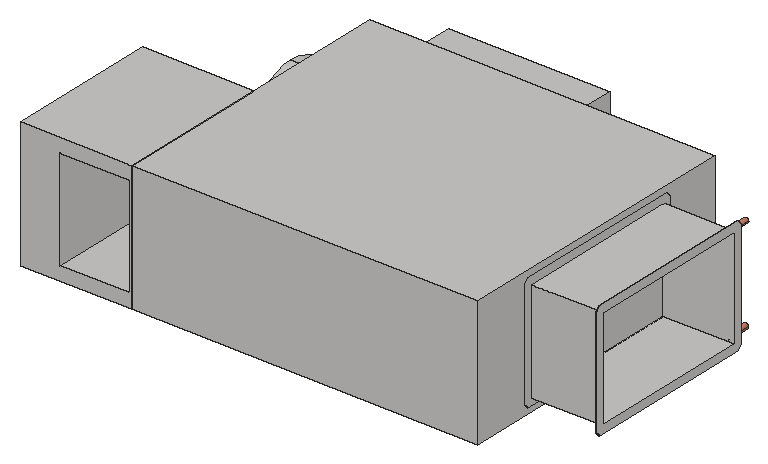
Revit family
Parameters
  Width = 3' - 1"
  Voltage = 208 V
  Unit Weight = if(and(Size Option = 1, Number of Rows = 1), "189.0 lbs", if(and(Size Option = 1, Number of Rows = 2), "192.0 lbs", if(and(Size Option = 2, Number of Rows = 1), "194.0 lbs", if(and(Size Option = 2, Number of Rows = 2), "197.0 lbs", "0"))))  # "194.0 lbs"
  UltraLoc Liner = Choose Liner Option = 3  # no
  URL = "http://www.titus-hvac.com/"
  UL = "181"
  Supply Air Flow [instance] = 0 CFM
  SteriLoc Liner = Choose Liner Option = 2  # no
  Size Option = 2
  Size C = Size Option = 2  # yes
  Size B = Size Option = 1  # no
  Secondary Material = Copper Connectors
  Primary Air Pressure Drop [instance] = 0.00 in-wg
  Primary Air Flow [instance] = 0 CFM
  Pressure [instance] = 0.00 psi
  Plenum Air Pressure Drop [instance] = 0.00 in-wg
  Plenum Air Flow [instance] = 0 CFM
  Outlet Width = 1' - 8 1/2"
  Outlet Height = 1' - 0 1/2"
  Number of Rows = 1
  Number of Poles = 2
  Nominal Width = Width + 0' 6 1/4"  # 3' - 7 1/4"
  Nominal Length = Length + 1' 1 7/8" + 0' 9"  # 5' - 5 7/8"
  Nominal Inlet Size = 1' - 0"
  Nominal Height = 1' - 4"
  NFPA = "90A"
  Motor Full Load Amps [instance] = 1.8 A
  Model = "DTFS-F"
  Min. Air Flow = 0 CFM
  Max. Air Flow = 2000 CFM
  Material = Galvanized Steel
  Manufacturer = "Titus"
  Length = 3' - 7"
  Juction Box Offset = 0' - 4 7/8"
  Inlet Diameter = Nominal Inlet Size - 0' 0 1/8"  # 0' - 11 7/8"
  Induced Air Inlet Width = 1' - 1 7/8"
  Induced Air Inlet Offset = (Height - Induced Air Inlet Connection Height) / 2  # 0' - 1 11/16"
  Induced Air Inlet Height = 1' - 7"
  Induced Air Inlet Connection Width = 0' - 8 3/4"
  Induced Air Inlet Connection Height = 1' - 0 5/8"
  Induced Air Filter = no
  Height = 1' - 4"
  Heating Total Capacity [instance] = 0 Btu/h
  Heating Entering Water Temp = 0 °F
  Half Outlet Connection Width = Outlet Width / 2  # 0' - 10 1/4"
  Half Outlet Connection Height = Outlet Height / 2  # 0' - 6 1/4"
  Half Height Start = -(Height / 2)  # -0' - 8"
  Half Height End = Height / 2  # 0' - 8"
  HWC Option = HWC Section : B-C - 1 Row
  HWC Connector Radius = 5/16"
  HP-Motor = "1/4"
  Gallons Per Minute [instance] = 0 GPM
  Frequency = 60 Hz
  Flange Offset = 0' - 1"
  Filter Size = "11\"x14\""
  Fiber Free Liner = Choose Liner Option = 1  # no
  Fan Disconnect Switch = no
  Duct Radius = Nominal Inlet Size / 2  # 0' - 6"
  Description = "Ultra Quiet Series Fan Powered Terminal Unit, Direct Digital Control, Pressure Independent"
  Connector Vertical Offset = 0' - 11 3/4"
  HWC Connector Length = 0' - 3"
  Connector Horizontal Offset = if(Number of Rows = 1, 0' 0", if(Number of Rows = 2, 0' 1", 0' 0"))  # 0' - 0"
  Connection Void Radius = Connection Radius - 0' 0 1/4"  # 0' - 5 11/16"
  Connection Radius = Inlet Diameter / 2  # 0' - 5 15/16"
  Choose Liner Option = 0
  CADworks URL = "www.CADworks.net"
  Assembly Code = "D3040100"
  Apparent Power [instance] = Voltage * Motor Full Load Amps  # 374.4 VA
  Air Inlet Offset = 0' - 8"
  1/2" Fiberglass Liner = Choose Liner Option = 0  # yes
  1" Fiberglass Liner = Choose Liner Option = 4  # no
Reference planes (in)
  plane 1 "Center (Front/Back)": y = 0
  plane 2: z = 0
  plane 3 "Center (Left/Right)": x = 3
  plane 4: x = -18.5
  plane 5: x = 24.5
  plane 6: x = -13.625
  plane 7: x = -21.875
  plane 8: z = 0
  plane 9: y = -18.5
  plane 10: y = 18.5
  plane 11: y = 10.5
  plane 12: z = 0
  plane 13: x = 33.5
  plane 14: x = 32.5
  plane 15: y = 13.25
  plane 16: y = 10.25
  plane 17: z = 5.875
  plane 18: z = -5.875
  plane 19: x = 32.5
  plane 20: y = 24.75
  plane 21: x = -32.375
  plane 22: z = 8
  plane 23: z = -8
Forms (in)
  Extrusion 1, solid, material "Galvanized Steel" <- "Material"
    sketch origin (0, 0, 0) x (1, 0, 0) y (0, 1, 0)
      loop
        line (-18.5, 18.5) -> (-18.5, -18.5) -> (24.5, -18.5) -> (24.5, 18.5) -> (-18.5, 18.5)
    from -8 <- "Half Height Start" to 8 <- "Half Height End"
  Extrusion 2, solid, material "Galvanized Steel" <- "Material"
    sketch origin (0, 0, 0) x (1, 0, 0) y (0, 1, 0)
      loop
        line (-32.375, 0.5) -> (-32.375, -18.5) -> (-18.5, -18.5) -> (-18.5, 0.5) -> (-32.375, 0.5)
    from -8 <- "Half Height Start" to 8 <- "Half Height End"
  Extrusion 3, void
    sketch origin (0, -18.5, 0) x (1, 0, 0) y (0, 0, -1)
      loop
        line (-18.75, 6.3125) -> (-27.5, 6.3125) -> (-27.5, -6.3125) -> (-18.75, -6.3125) -> (-18.75, 6.3125)
    from 0 to 16
  Extrusion 4, solid, material "Galvanized Steel" <- "Material"
    sketch origin (5, 0, 30) x (1, 0, 0) y (0, 1, 0)
      loop
        line (-18.625, 18.5) -> (1.375, 18.5) -> (1.375, 24.75) -> (-18.625, 24.75) -> (-18.625, 18.5)
    from -36 to -24
  Extrusion 5, solid, material "Galvanized Steel" <- "Material"
    sketch origin (-24.875, -2, 0) x (0, 0, -1) y (0, 1, 0)
      loop
        circle (0, 12.5) r 5.9375
    from 3 to 6.375
  Extrusion 6, void
    sketch origin (-24.875, 0, 0) x (0, 1, 0) y (0, 0, 1)
      loop
        circle (10.5, 0) r 5.6875
    from 3 to 11.25
  Extrusion 7, void, detail levels fine
    sketch origin (33.5, -10.25, 6.25) x (0, 0, 1) y (0, -1, 0)
      loop
        line (-12.5, 0) -> (-12.5, -20.5) -> (0, -20.5) -> (0, 0) -> (-12.5, 0)
    from -0.0625 to 0
  Extrusion 8, solid, material "Copper Connectors" <- "Secondary Material", detail levels fine
    sketch origin (0, 0, 0) x (1, 0, 0) y (0, 0, 1)
      loop
        circle (32.5, 5.875) r 0.3125
    from -13.25 to -10.3125
  Extrusion 9, solid, material "Copper Connectors" <- "Secondary Material", detail levels fine
    sketch origin (0, 0, 0) x (1, 0, 0) y (0, 0, 1)
      loop
        circle (32.5, -5.875) r 0.3125
    from -13.25 to -10.3125
Cuts and joins
  Extrusion 3 cuts Extrusion 2
  Extrusion 6 cuts Extrusion 1
  Extrusion 6 cuts Extrusion 5
Dimensions and locks (in)
  "Length": plane 5 to plane 4
  equal spacing: plane 5, plane 3 "Center (Left/Right)", plane 4
  locked: Extrusion 4 to plane 6 at 0
  locked: Extrusion 4 to Extrusion 4 at 20
  "Juction Box Offset": plane 6 to plane 4
  locked: plane 4 to plane 7 at 3.375
  "Width": plane 9 to plane 10
  equal spacing: plane 9, plane 1 "Center (Front/Back)", plane 10
  locked: Extrusion 5 sketch curve to level at 0
  locked: Extrusion 5 sketch curve to plane 11 at 0
  locked: Extrusion 6 sketch curve to level at 0
  locked: Extrusion 6 sketch curve to plane 11 at 0
  locked: Extrusion 4 to Extrusion 4 at 6.25
  locked: Extrusion 4 to Extrusion 4 at 12
  equal spacing: Extrusion 4, plane 8, Extrusion 4
  "Air Inlet Offset": plane 10 to plane 11
  "Induced Air Inlet Height": cut or joined group of Extrusion 2, Extrusion 3 to cut or joined group of Extrusion 2, Extrusion 3
  locked: cut or joined group of Extrusion 5, Extrusion 6 to cut or joined group of Extrusion 5, Extrusion 6 at 3.375
  "Induced Air Inlet Connection Height": Extrusion 3 sketch curve to Extrusion 3 sketch curve
  "Induced Air Inlet Offset": Extrusion 3 sketch curve to cut or joined group of Extrusion 2, Extrusion 3
  "Induced Air Inlet Connection Width": Extrusion 3 sketch curve to Extrusion 3 sketch curve
  locked: Extrusion 3 sketch curve to cut or joined group of Extrusion 1, Extrusion 6 at 0.25
  locked: plane 5 to plane 13 at 9
  locked: plane 14 to plane 13 at 1
  locked: plane 17 to plane 18 at 11.75
  equal spacing: plane 17, plane 12, plane 18
  "Connector Horizontal Offset": plane 19 to plane 14
  "HWC Connector Length": plane 16 to plane 15
  locked: cut or joined group of Extrusion 2, Extrusion 3 to cut or joined group of Extrusion 2, Extrusion 3 at 16
  equal spacing: cut or joined group of Extrusion 2, Extrusion 3, plane 12, cut or joined group of Extrusion 2, Extrusion 3
  locked: cut or joined group of Extrusion 1, Extrusion 6 to cut or joined group of Extrusion 2, Extrusion 3 at 16
  equal spacing: cut or joined group of Extrusion 1, Extrusion 6, plane 12, cut or joined group of Extrusion 1, Extrusion 6
  locked: cut or joined group of Extrusion 2, Extrusion 3 to cut or joined group of Extrusion 2, Extrusion 3 at 13.875
  locked: nested 1 to cut or joined group of Extrusion 1, Extrusion 6 at 1.6875
  locked: cut or joined group of Extrusion 1, Extrusion 6 to nested 1 at 1.6875
  "Connection Radius": radius of Extrusion 5 sketch curve
  "Connection Void Radius": radius of Extrusion 6 sketch curve
  "HWC Connector Radius": radius of Extrusion 8 sketch curve
  "HWC Connector Radius": radius of Extrusion 9 sketch curve
  aligned and locked: plane 10 to Extrusion 4
  aligned and locked: plane 7 to cut or joined group of Extrusion 5, Extrusion 6
  aligned and locked: plane 9 to cut or joined group of Extrusion 2, Extrusion 3  (x3)
  aligned and locked: nested 1 to Extrusion 8
  aligned and locked: plane 15 to Extrusion 8
  aligned and locked: nested 1 to Extrusion 9
  aligned and locked: plane 15 to Extrusion 9
  aligned and locked: plane 5 to cut or joined group of Extrusion 1, Extrusion 6
  aligned and locked: cut or joined group of Extrusion 1, Extrusion 6 to plane 10
  aligned and locked: plane 9 to cut or joined group of Extrusion 1, Extrusion 6
  aligned and locked: cut or joined group of Extrusion 1, Extrusion 6 to plane 4
  aligned and locked: cut or joined group of Extrusion 1, Extrusion 6 to nested 1
  aligned and locked: cut or joined group of Extrusion 5, Extrusion 6 to cut or joined group of Extrusion 1, Extrusion 6
  aligned and locked: cut or joined group of Extrusion 2, Extrusion 3 to cut or joined group of Extrusion 1, Extrusion 6
  aligned and locked: plane 6 to Extrusion 6
  aligned and locked: Extrusion 6 to plane 7
  aligned and locked: plane 22 to cut or joined group of Extrusion 2, Extrusion 3
  aligned and locked: plane 22 to cut or joined group of Extrusion 1, Extrusion 6
  aligned and locked: plane 23 to cut or joined group of Extrusion 2, Extrusion 3
  aligned and locked: plane 23 to cut or joined group of Extrusion 1, Extrusion 6
  aligned and locked: plane 20 to Extrusion 4
  aligned and locked: plane 13 to nested 1
  aligned and locked: plane 21 to cut or joined group of Extrusion 2, Extrusion 3
Automatic sketch dimensions
  Extrusion 1 sketch curve to plane 4 = 0' - 0"
  Extrusion 1 sketch curve to plane 5 = 0' - 0"
  Extrusion 1 sketch curve to plane 9 = 0' - 0"
  Extrusion 1 sketch curve to plane 10 = 0' - 0"
  Extrusion 2 sketch curve to plane 4 = 0' - 0"
  Extrusion 2 sketch curve to plane 9 = 0' - 0"
  Extrusion 2 sketch curve to plane 1 "Center (Front/Back)" = 0' - 0 1/2"
  Extrusion 4 sketch curve to plane 6 = 0' - 0"
  Extrusion 4 sketch curve to plane 10 = 0' - 0"
  plane 3 "Center (Left/Right)" to Extrusion 4 sketch curve = 0' - 3 3/8"
  Extrusion 4 sketch curve to plane 10 = 0' - 6 1/4"
  Extrusion 2 sketch curve to plane 7 = 0' - 10 1/2"
  Extrusion 7 sketch curve to nested 1 = 0' - 0"  (x4)
  Extrusion 8 sketch curve to plane 17 = 0' - 0"
  Extrusion 8 sketch curve to plane 19 = 0' - 0"
  Extrusion 9 sketch curve to plane 14 = 0' - 0"
  Extrusion 9 sketch curve to plane 18 = 0' - 0"
Nested families (in)
  nested 1: "HWC Section" at (29, 0, 0) x (0, 1, 0) z (0, 0, 1), type <- "HWC Option", type "B-C - 1 Row"
Connectors (in)
  electrical at (-3.625, 24.75, 0), driven by "Apparent Power", driven by "Voltage", driven by "Number of Poles"
    settings: on Extrusion 4, index 8
  hvac at (-21.875, 10.5, 0), driven by "Duct Radius", driven by "Primary Air Pressure Drop", driven by "Primary Air Flow"
    settings: on cut or joined group of Extrusion 5, Extrusion 6, index 9
  hvac at (-23.125, -18.5, 0), driven by "Induced Air Inlet Connection Height", driven by "Induced Air Inlet Connection Width", driven by "Plenum Air Pressure Drop", driven by "Plenum Air Flow"
    settings: on cut or joined group of Extrusion 2, Extrusion 3, index 10
  hvac at (33.5, 0, 0), driven by "Outlet Height", driven by "Outlet Width", driven by "Supply Air Flow"
    settings: on Extrusion 7, index 11
  piping at (32.5, 13.25, 5.875), driven by "Gallons Per Minute", driven by "Pressure", driven by "HWC Connector Radius"
    settings: on Extrusion 8, index 12
  piping at (32.5, 13.25, -5.875), driven by "Gallons Per Minute", driven by "HWC Connector Radius", driven by "Pressure"
    settings: on Extrusion 9, index 13
Definition of nested family "HWC Section"
  Parameters (values of type "B-C - 1 Row")
    Visibility = yes
    Secondary Material = Copper Connectors
    Number of Rows = 1
    Material = Galvanized Steel
    Half Width = HWC Width / 2  # 0' - 10 1/4"
    Half Length-Start = -(HWC Length / 2)  # -0' - 4 1/2"
    Half Length-End = HWC Length / 2  # 0' - 4 1/2"
    HWC Connection Radius = 5/16"
    Flange Offset = 0' - 1"
    Duct Vertical Offset = HWC Height - 0' 0 1/2"  # 1' - 0"
    Duct Horizontal Offset = HWC Width - 0' 0 1/2"  # 1' - 8"
    Connector Vertical Offset = 0' - 11 3/4"
    HWC Width = 1' - 8 1/2"
    HWC Height = 1' - 0 1/2"
    HWC Length = 0' - 9"  # constant formula
    Gallons Per Minute = 0 GPM
    Connector Length = 0' - 3"
    Connector Horizontal Offset = 0' - 0"
  Types (5): name | Number of Rows | Half Width | Flange Offset | Duct Vertical Offset | Duct Horizontal Offset | Connector Vertical Offset | HWC Width | HWC Height | Connector Horizontal Offset
    (no name) | 1 | 0' - 10 1/4" | 0' - 1" | 1' - 0" | 1' - 8" | 0' - 11 3/4" | 1' - 8 1/2" | 1' - 0 1/2" | 0' - 0"
    B-C - 1 Row | 1 | 0' - 10 1/4" | 0' - 1" | 1' - 0" | 1' - 8" | 0' - 11 3/4" | 1' - 8 1/2" | 1' - 0 1/2" | 0' - 0"
    B-C - 2 Row | 2 | 0' - 10 1/4" | 0' - 1" | 1' - 0" | 1' - 8" | 0' - 11 3/4" | 1' - 8 1/2" | 1' - 0 1/2" | 0' - 1"
    D-E - 1 Row | 1 | 1' - 0 1/2" | 0' - 1 1/4" | 1' - 5" | 2' - 0 1/2" | 1' - 4 1/4" | 2' - 1" | 1' - 5 1/2" | 0' - 0"
    D-E - 2 Row | 2 | 1' - 0 1/2" | 0' - 1 1/4" | 1' - 5" | 2' - 0 1/2" | 1' - 4 3/4" | 2' - 1" | 1' - 5 1/2" | 0' - 1"
  Reference planes (in)
    plane 1 "Center (Front/Back)": y = 0
    plane 2: z = 0
    plane 3 "Center (Left/Right)": x = 0
    plane 4: x = -10.25
    plane 5: x = 10.25
    plane 6: y = 4.5
    plane 7: y = -4.5
    plane 8: z = 6.25
    plane 9: z = -6.25
    plane 10: z = 5.875
    plane 11: z = -5.875
    plane 12: y = 3.5
    plane 13: y = 3.5
    plane 14: x = 13.25
  Forms (in)
    Extrusion 1, solid, material "Galvanized Steel" <- "Material", visible <- "Visibility"
      sketch origin (0, 0, 0) x (1, 0, 0) y (0, 0, 1)
        loop
          line (-10.3125, 6.3125) -> (-10.3125, -6.3125) -> (10.3125, -6.3125) -> (10.3125, 6.3125) -> (-10.3125, 6.3125)
      from -4.375 <- "Half Length-Start" to 4.5 <- "Half Length-End"
    Extrusion 2, void, detail levels fine
      sketch origin (0, 0, 0) x (1, 0, 0) y (0, 0, 1)
        loop
          line (-10.25, -6.25) -> (10.25, -6.25) -> (10.25, 6.25) -> (-10.25, 6.25) -> (-10.25, -6.25)
      from -4.5 <- "Half Length-Start" to 4.5 <- "Half Length-End"
    Extrusion 3, solid, material "Copper Connectors" <- "Secondary Material", visible <- "Visibility"
      sketch origin (6, 2.625, 0) x (0, 1, 0) y (0, 0, 1)
        loop
          circle (0.875, -5.875) r 0.3125
      from 4.3125 to 7.25
    Extrusion 4, solid, material "Galvanized Steel" <- "Material", visible <- "Visibility"
      sketch origin (0, -4.375, 0) x (1, 0, 0) y (0, 0, 1)
        loop
          line (-10.25, 6.25) -> (-10.25, -6.25) -> (10.25, -6.25) -> (10.25, 6.25) -> (-10.25, 6.25)
        loop
          line (-11.25, 6.75) -> (-11.25, -6.75) -> (-10.75, -7.25) -> (10.75, -7.25) -> (11.25, -6.75) -> (11.25, 6.75) -> (10.75, 7.25) -> (-10.75, 7.25) -> (-11.25, 6.75)
      from 0 to 0.125
    Extrusion 5, solid, material "Copper Connectors" <- "Secondary Material", visible <- "Visibility"
      sketch origin (6, -0.5, 0) x (0, 1, 0) y (0, 0, 1)
        loop
          circle (4, 5.875) r 0.3125
      from 4.3125 to 7.25
    Extrusion 6, solid, material "Galvanized Steel" <- "Material", visible <- "Visibility"
      sketch origin (0, 4.375, 0) x (1, 0, 0) y (0, 0, -1)
        loop
          line (-10.25, -6.25) -> (10.25, -6.25) -> (10.25, 6.25) -> (-10.25, 6.25) -> (-10.25, -6.25)
        loop
          line (-11.25, -6.75) -> (-10.75, -7.25) -> (10.75, -7.25) -> (11.25, -6.75) -> (11.25, 6.75) -> (10.75, 7.25) -> (-10.75, 7.25) -> (-11.25, 6.75) -> (-11.25, -6.75)
      from 0 to 0.125
  Cuts and joins
    Extrusion 2 cuts Extrusion 1
    joined: Extrusion 1, Extrusion 4, Extrusion 6
  Dimensions and locks (in)
    "HWC Width": plane 4 to plane 5
    equal spacing: plane 4, plane 3 "Center (Left/Right)", plane 5
    "HWC Height": plane 8 to plane 9
    equal spacing: plane 8, plane 2, plane 9
    equal spacing: plane 10, plane 2, plane 11
    locked: plane 12 to plane 6 at 1
    "Connector Horizontal Offset": plane 13 to plane 12
    locked: plane 7 to Extrusion 4 at 0.125
    locked: Extrusion 6 to plane 6 at 0.125
    locked: plane 4 to Extrusion 1 sketch curve at 0.0625
    locked: Extrusion 4 to Extrusion 1 sketch curve at 0.0625
    locked: Extrusion 1 sketch curve to plane 8 at 0.0625
    locked: plane 9 to Extrusion 1 sketch curve at 0.0625
    "Connector Length": plane 5 to plane 14
    "HWC Length": plane 6 to plane 7
    equal spacing: plane 6, plane 1 "Center (Front/Back)", plane 7
    "Connector Vertical Offset": plane 10 to plane 11
    equal spacing: plane 10, level, plane 11
    "HWC Width": Extrusion 4 sketch curve to Extrusion 4 sketch curve
    equal spacing: Extrusion 4 sketch curve, plane 3 "Center (Left/Right)", Extrusion 4 sketch curve
    "HWC Height": Extrusion 4 sketch curve to Extrusion 4 sketch curve
    equal spacing: Extrusion 4 sketch curve, plane 2, Extrusion 4 sketch curve
    "Flange Offset": cut or joined group of Extrusion 1, Extrusion 2, Extrusion 4, Extrusion 6 to plane 8
    "Flange Offset": plane 9 to cut or joined group of Extrusion 1, Extrusion 2, Extrusion 4, Extrusion 6
    locked: cut or joined group of Extrusion 1, Extrusion 2, Extrusion 4, Extrusion 6 to plane 4 at 1  (x2)
    locked: cut or joined group of Extrusion 1, Extrusion 2, Extrusion 4, Extrusion 6 to plane 5 at 1  (x2)
    "HWC Width": Extrusion 6 sketch curve to Extrusion 6 sketch curve
    "HWC Height": Extrusion 6 sketch curve to Extrusion 6 sketch curve
    equal spacing: Extrusion 6 sketch curve, plane 3 "Center (Left/Right)", Extrusion 6 sketch curve
    equal spacing: Extrusion 6 sketch curve, plane 2, Extrusion 6 sketch curve
    "HWC Height": Extrusion 2 sketch curve to Extrusion 2 sketch curve
    "HWC Width": Extrusion 2 sketch curve to Extrusion 2 sketch curve
    equal spacing: Extrusion 2 sketch curve, plane 3 "Center (Left/Right)", Extrusion 2 sketch curve
    equal spacing: Extrusion 2 sketch curve, plane 2, Extrusion 2 sketch curve
    locked: plane 5 to Extrusion 3 at 0.0625
    locked: plane 5 to Extrusion 5 at 0.0625
    "Flange Offset": Extrusion 6 sketch curve to plane 8  (x2)
    "Flange Offset": plane 9 to Extrusion 6 sketch curve  (x2)
    "HWC Connection Radius": radius of Extrusion 3 sketch curve
    "HWC Connection Radius": radius of Extrusion 5 sketch curve
    aligned and locked: plane 7 to Extrusion 4
    aligned and locked: plane 6 to Extrusion 6
    aligned and locked: plane 14 to Extrusion 5
    aligned and locked: plane 14 to Extrusion 3
    aligned and locked: Extrusion 6 to cut or joined group of Extrusion 1, Extrusion 2, Extrusion 4, Extrusion 6
    aligned and locked: Extrusion 4 to Extrusion 4
  Automatic sketch dimensions
    Extrusion 3 sketch curve to plane 11 = 0' - 0"
    Extrusion 3 sketch curve to plane 12 = 0' - 0"
    plane 4 to Extrusion 4 sketch curve = 0' - 1"
    plane 4 to Extrusion 4 sketch curve = 0' - 0 1/2"  (x2)
    Extrusion 4 sketch curve to plane 5 = 0' - 0 1/2"  (x2)
    Extrusion 4 sketch curve to Extrusion 4 sketch curve = 0' - 0 1/2"  (x3)
    Extrusion 4 sketch curve to plane 9 = 0' - 0 1/2"  (x2)
    plane 8 to Extrusion 4 sketch curve = 0' - 0 1/2"  (x2)
    Extrusion 5 sketch curve to plane 10 = 0' - 0"
    Extrusion 5 sketch curve to plane 13 = 0' - 0"
    plane 4 to Extrusion 6 sketch curve = 0' - 1"
    plane 4 to Extrusion 6 sketch curve = 0' - 0 1/2"  (x2)
    Extrusion 6 sketch curve to plane 5 = 0' - 0 1/2"  (x2)
    Extrusion 6 sketch curve to Extrusion 6 sketch curve = 0' - 0 1/2"  (x2)
    plane 8 to Extrusion 6 sketch curve = 0' - 0 1/2"  (x2)
    Extrusion 6 sketch curve to plane 9 = 0' - 0 1/2"
